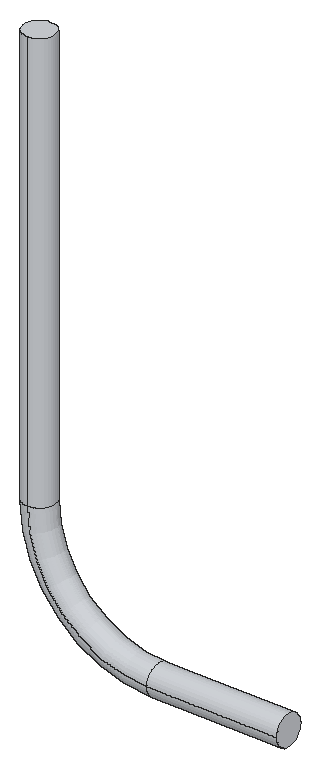
Revit family "bs-bolt", category Generic Models, host Face, Revit 2018
Family settings
  Host = Face
  Can host rebar = No
  Round Connector Dimension = Use Diameter
  Part Type = Normal
  Cut with Voids When Loaded = No
  Shared = No
  Room Calculation Point = No
Parameters
  void = 100 mm
  ancker-L = 500 mm
  Diameter = 36 mm
  Default Elevation = 1300 mm
  Ancker-L2 = 300 mm
  Ancker-L1 = 150 mm
Reference planes
  plane 1 "Center (Front/Back)": y = 0
  plane 2: z = 0
  plane 3 "Center (Left/Right)": x = 0
  plane 4: z = -500
  plane 5: x = 300
  plane 6: z = 150
Forms (mm)
  Sweep 1, solid
    path origin (-0.87, 0, -2.046) x (1, 0, 0) y (0, 0, 1)
      loop
        line (0.87, 152.046) -> (0.87, -353.954)
        arc (0.87, -353.954) -> (43.046, -455.778) -> (144.87, -497.954) r 144
        line (144.87, -497.954) -> (300.87, -497.954)
    profile origin (0, 0, -103) x (0, -1, 0) y (1, 0, 0)
      loop
        circle (0, 0) r 18
Dimensions and locks
  "Ancker-L1": host face to plane 6
  "ancker-L": plane 4 to host face
  "Ancker-L2": plane 5 to plane 3 "Center (Left/Right)"
  "Diameter": diameter of Sweep 1 sketch curve
  aligned and locked: plane 2 to host face
  aligned and locked: level to host face
  aligned and locked: plane 4 to Sweep 1 sketch curve
  aligned and locked: Sweep 1 sketch curve to plane 3 "Center (Left/Right)"
  aligned and locked: plane 5 to Sweep 1 sketch curve
Automatic sketch dimensions
  host sketch curve to host sketch curve = 2438.4 mm  (x2)
  Sweep 1 sketch curve to plane 6 = 0 mm
  Sweep 1 sketch curve to Sweep 1 sketch curve = 144 mm
  plane 1 "Center (Front/Back)" to Sweep 1 sketch curve = 0 mm
  Sweep 1 sketch curve to profile plane = 0 mm
